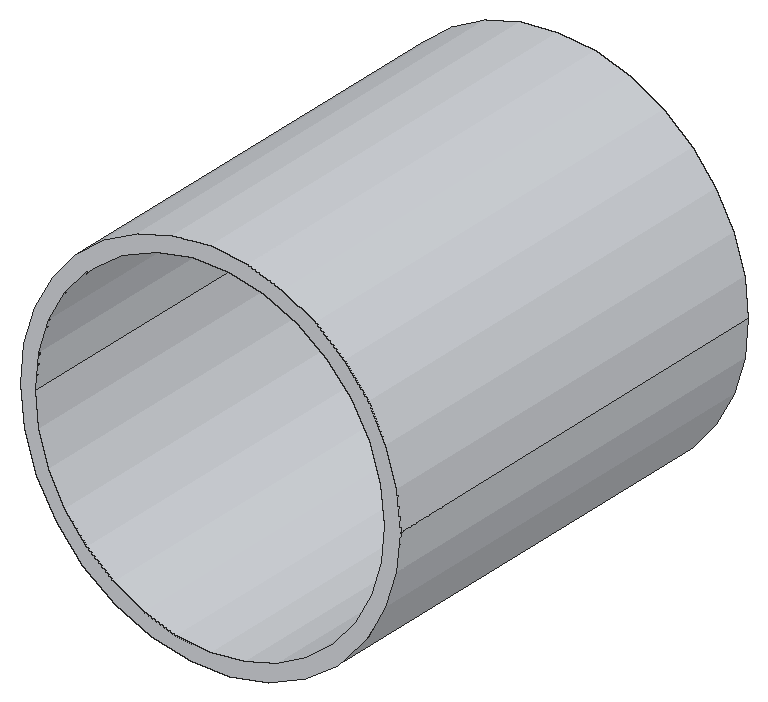
Revit family "SC4B", category Generic Models, Revit 2017
Family settings
  Can host rebar = No
  Round Connector Dimension = Use Diameter
  Part Type = Normal
  Work Plane-Based = Yes
  Always vertical = No
  Cut with Voids When Loaded = No
  Shared = No
  Room Calculation Point = No
Parameters (values of type "NBS Standard Parameters")
  Weight = "0.092Kg"
  WarrantyStartDate [instance] = "1900-12-31T23:59:59"
  WarrantyGuarantorParts = "n/a"
  WarrantyGuarantorLabor = "n/a"
  WarrantyDurationUnit = "1 year"
  WarrantyDurationParts = "n/a"
  WarrantyDurationLabor = "n/a"
  WarrantyDescription = "n/a"
  Version = "1"
  Uniclass2 = "Pr_65_70_11_12"
  TagNumber [instance] = "n/a"
  SustainabilityPerformance = "n/a"
  Size = "1.5\""
  Shape = "Circular"
  SerialNumber [instance] = "n/a"
  Revision = "n/a"
  ReplacementCost = "n/a"
  ProductInformation = "www.metpro.co.uk/pdf/sc4g.pdf"
  NominalWidth = 41.5 mm
  NominalLength = 41.5 mm
  NominalHeight = 47.5 mm
  Name = ""
  NBSTypeID = ""
  NBSReference = "90-55-10/460"
  NBSOfficeMasterTag = ""
  NBSNote = ""
  NBSDescription = "Conduit Fittings"
  NBSCertification = ""
  ModelReference = "SC4B"
  ModelNumber = "n/a"
  Material = "steel"
  ManufacturerURL = "www.metpro.co.uk"
  ManufacturerName = "Metpro Ltd"
  InstallationDate [instance] = "1900-12-31T23:59:59"
  IfcExportType = ""
  IfcExportAs = ""
  Grade = "n/a"
  Finish = "Black"
  Features = "n/a"
  ExpectedLife = "n/a"
  DurationUnit = "year"
  Description = "SC4B- 1.5\" Conduit Solid Coupler"
  Default Elevation = 1219.2 mm
  Constituents = "n/a"
  Color = "n/a"
  CodePerformance = "n/a"
  Category = "n/a"
  BarCode [instance] = "n/a"
  BIMObjectName = "Metpro_metprolibrary_conduitfittings_metalcomponent-steelaccessories"
  Author = "Metpro Ltd"
  AssetType = ""
  AssetIdentifier [instance] = "n/a"
  AccessibilityPerformance = "n/a"
Reference planes
  plane 1 "Center (Front/Back)": y = 0
  plane 2: z = 0
  plane 3 "Center (Left/Right)": x = 0
Forms (mm)
  Extrusion 1, solid
    sketch origin (76.281, -1.914, 25.358) x (-1, 0, 0) y (0, 0, 1)
      loop
        circle (210, 20) r 20.75
      loop
        circle (210, 20) r 19.05
    from 0 to 47.5
Dimensions and locks
  aligned and locked: level to plane 2
